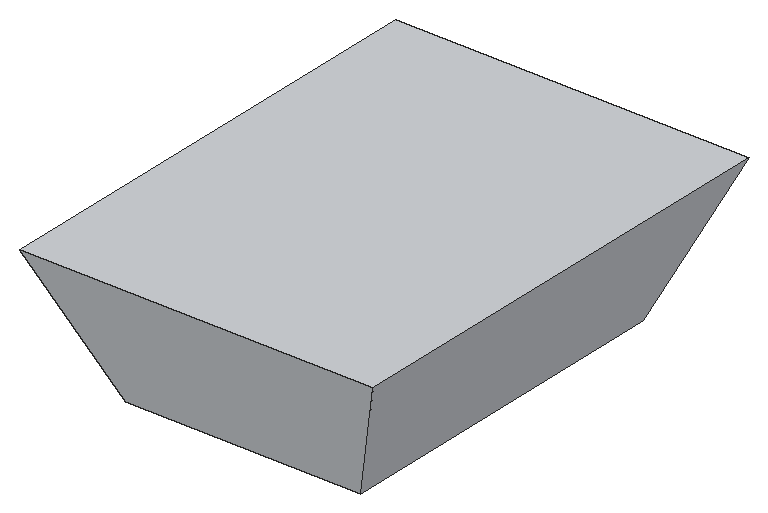
Revit family "防冲槽", category 常规模型, Revit 2019
Family settings
  可将钢筋附着到主体 = 否
  圆形连接件大小 = 使用直径
  零件类型 = 标准
  基于工作平面 = 否
  总是垂直 = 是
  加载时剪切的空心 = 否
  共享 = 否
  房间计算点 = 否
Parameters
  材质 [instance] = none
  总高度 [instance] = 1200 mm
  总长度 [instance] = 3000 mm
  总宽度 [instance] = 4000 mm
  底部长度 [instance] = 2000 mm
  底部宽度 [instance] = 3000 mm
  型号 = "SCOUR_STONE_CAGES"  # constant formula
Reference planes
  plane 1 "中心(前/后)": y = 0
  plane 2: z = 0
  plane 3 "中心(左/右)": x = 0
  plane 4: z = 1200
  plane 5: x = -1000
  plane 6: x = 1000
  plane 7: y = 1500
  plane 8: y = -1500
  plane 9: x = -1500
  plane 10: x = 1500
  plane 11: y = 2000
  plane 12: y = -2000
Forms (mm)
  Blend 1, solid, material <- "材质"
    base sketch origin (0, 0, 0) x (1, 0, 0) y (0, 1, 0)
      loop
        line (-1000, 1500) -> (-1000, -1500) -> (1000, -1500) -> (1000, 1500) -> (-1000, 1500)
    top sketch origin (0, 0, 0) x (1, 0, 0) y (0, 1, 0)
      loop
        line (-1500, 2000) -> (-1500, -2000) -> (1500, -2000) -> (1500, 2000) -> (-1500, 2000)
    from 0 to 1200
Dimensions and locks
  "总高度": plane 4 to level
  "总宽度": plane 12 to plane 11
  "底部宽度": plane 8 to plane 7
  "总长度": plane 9 to plane 10
  "底部长度": plane 5 to plane 6
  equal spacing: plane 5, plane 3 "中心(左/右)", plane 6
  equal spacing: plane 9, plane 3 "中心(左/右)", plane 10
  equal spacing: plane 8, plane 1 "中心(前/后)", plane 7
  equal spacing: plane 12, plane 1 "中心(前/后)", plane 11
  aligned and locked: level to plane 2
  aligned and locked: plane 7 to Blend 1 sketch curve
  aligned and locked: Blend 1 sketch curve to plane 5
  aligned and locked: Blend 1 sketch curve to plane 8
  aligned and locked: plane 6 to Blend 1 sketch curve
  aligned and locked: plane 11 to Blend 1 sketch curve
  aligned and locked: Blend 1 sketch curve to plane 9
  aligned and locked: Blend 1 sketch curve to plane 12
  aligned and locked: Blend 1 sketch curve to plane 10
  aligned and locked: plane 4 to Blend 1
  aligned and locked: Blend 1 to level
